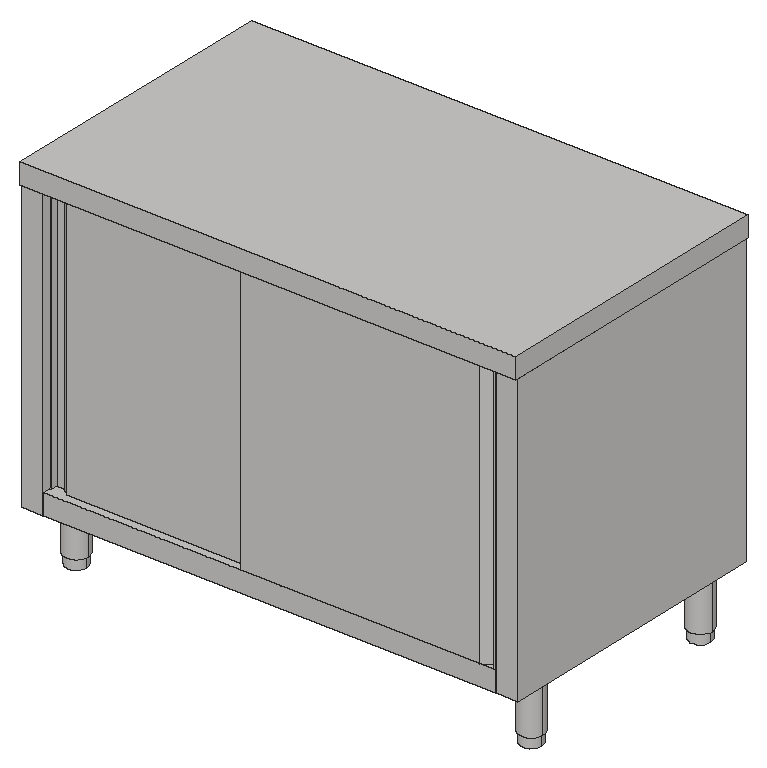
Revit family "QF_ELECTROLUXPROFESSIONAL_132857_MS1207N", category Attrezzature speciali, Revit 2020
Family settings
  Quota connettore circolare = Usa diametro
  Tipo di parte = Normale
  Basato su piano di lavoro = No
  Sempre verticale = Sì
  Taglio con vuoti quando caricato = No
  Condiviso = No
  Punto di calcolo locali = No
Parameters (values of type "Standard")
  Weight = 55.00 kg
  Watts = 0 W
  Volts = 0 V
  URL Manufacturer = "https://www.electroluxprofessional.com/"
  URL = "https://www.electroluxprofessional.com/"
  Steam Supply Size = 0 mm
  Steam Supply Minimum Pressure = 0.0 Pa
  Steam Supply Maximum Pressure = 0.0 Pa
  Steam Consumption per Hour = 0
  Refrigeration Suction Line Size = 0.0 mm
  Refrigeration Liquid Line Size = 0.0 mm
  Refrigerant Compressor Remote = yes
  Prospetto di default = 0.0 mm
  Produttore = "Electrolux Professional"
  Phase = 0
  Modello = "MS1207N"
  Length Actual = 1200.0 mm  # constant formula
  Item Number = "132857"
  Hot Water Size = 0 mm
  Height Actual = 900.0 mm  # constant formula
  HP = "0 HP"
  Gas Size = 0 mm
  Gas KW = 0
  Gas Input Pressure = 0 W
  Direct Waste Size = 0 mm
  Descrizione = "WORKTOP CUPBOARD 1200MM"
  Depth Actual = 700.0 mm  # constant formula
  Cycle = 0 Hz
  Condensate Return Size = 0 mm
  Compressed Air Volume = 0.0 L/s
  Compressed Air Size = 0 mm
  Compressed Air Pressure = 0.0 Pa
  Cold Water Size = 0 mm
  Accessory = yes
Reference planes
  plane 1 "Center (Front/Back)": y = 0
  plane 2: z = 0
  plane 3 "Center (Left/Right)": x = -100
  plane 4 "LEFT": x = -700
  plane 5 "RIGHT": x = 500
  plane 6 "BACK": y = 350
  plane 7 "FRONT": y = -350
  plane 8 "Base": z = 850
  plane 9 "TOP": z = 900
  plane 10: x = -650
  plane 11: x = 450
  plane 12: y = 270
  plane 13: y = -241.9
  plane 14 "BodyLeft": x = -699
  plane 15 "BodyFront": y = -344.5
  plane 16 "BodyRight": x = 499
  plane 17 "BodyBack": y = 344.5
  plane 18 "FEET": z = 150
  plane 19: x = -30
  plane 20: x = -170
Forms (mm)
  Extrusion 1, solid, material "QF_Finishes_Stainless Steel"
    sketch origin (-100, 0, 0) x (0, 1, 0) y (0, 0, 1)
      loop
        line (-350, 850) -> (350, 850) -> (350, 900) -> (-350, 900) -> (-350, 850)
    from 600 to -600
  Extrusion 2, solid, material "QF_Finishes_Stainless Steel"
    sketch origin (0, 0, 150) x (-1, 0, 0) y (0, -1, 0)
      loop
        line (699, -344.5) -> (699, 344.5) -> (649, 344.5) -> (649, -344.5) -> (699, -344.5)
      loop
        line (-449, -344.5) -> (-449, 344.5) -> (-499, 344.5) -> (-499, -344.5) -> (-449, -344.5)
    from 0 to 700
  Extrusion 3, solid, material "QF_Finishes_Stainless Steel"
    sketch origin (0, 0, 150) x (-1, 0, 0) y (0, -1, 0)
      loop
        line (646.685, -344.5) -> (646.685, 344.5) -> (-447.6, 344.5) -> (-447.6, -344.5) -> (646.685, -344.5)
    from 0 to 50
  Extrusion 4, solid, material "QF_Finishes_Stainless Steel"
    sketch origin (0, 0, 150) x (-1, 0, 0) y (0, -1, 0)
      loop
        line (646.685, -344.5) -> (646.685, -294.5) -> (-447.6, -294.5) -> (-447.6, -344.5) -> (646.685, -344.5)
    from 50 to 700
  Extrusion 5, solid, material "QF_Finishes_Stainless Steel"
    sketch origin (0, 0, 150) x (-1, 0, 0) y (0, -1, 0)
      loop
        line (-447.6, 344.5) -> (-447.6, 324.5) -> (170, 324.5) -> (170, 344.5) -> (-407.6, 344.5) -> (-427.6, 329.5) -> (-442.6, 329.5) -> (-442.6, 344.5) -> (-447.6, 344.5)
    from 50 to 700
  Extrusion 6, solid, material "QF_Finishes_Stainless Steel"
    sketch origin (0, 20, 150) x (1, 0, 0) y (0, 1, 0)
      loop
        line (-647.6, -344.5) -> (-642.6, -344.5) -> (-642.6, -329.5) -> (-627.6, -329.5) -> (-607.6, -344.5) -> (-30, -344.5) -> (-30, -324.5) -> (-647.6, -324.5) -> (-647.6, -344.5)
    from 50 to 700
Lines and regions (mm)
  symbolic lines
    curve 1: line (500, 350, 900) -> (-700, 350, 900)
    curve 2: line (-700, 350, 900) -> (-700, -350, 900)
    curve 3: line (-700, -350, 900) -> (500, -350, 900)
    curve 4: line (500, -350, 900) -> (500, 350, 900)
  symbolic lines, style "SpecialityEquipmentHiddenLines"
    curve 5: line (-699, 344.5, 150) -> (499, 344.5, 150)
    curve 6: line (-699, -344.5, 150) -> (-699, 344.5, 150)
    curve 7: line (499, -344.5, 150) -> (-699, -344.5, 150)
    curve 8: line (499, 344.5, 150) -> (499, -344.5, 150)
    curve 9: line (-647.6, -304.5, 150) -> (-30, -304.5, 150)
    curve 10: line (-30, -304.5, 150) -> (-30, -324.5, 150)
    curve 11: line (-647.6, -324.5, 150) -> (447.6, -324.5, 150)
    curve 12: line (447.6, -324.5, 150) -> (447.6, -344.5, 150)
    curve 13: line (-170, -324.5, 150) -> (-170, -344.5, 150)
    curve 14: line (-647.6, -304.5, 150) -> (-647.6, -324.5, 150)
Dimensions and locks
  plane 4 "LEFT" to plane 5 "RIGHT" = 1200.0 mm
  equal spacing: plane 4 "LEFT", plane 3 "Center (Left/Right)", plane 5 "RIGHT"
  locked: plane 8 "Base" to level at 850
  plane 9 "TOP" to level = 900.0 mm
  plane 6 "BACK" to plane 7 "FRONT" = 700.0 mm
  equal spacing: plane 6 "BACK", plane 1 "Center (Front/Back)", plane 7 "FRONT"
  locked: plane 4 "LEFT" to plane 14 "BodyLeft" at 1
  locked: plane 16 "BodyRight" to plane 5 "RIGHT" at 1
  locked: plane 15 "BodyFront" to plane 7 "FRONT" at 5.5
  locked: plane 6 "BACK" to plane 17 "BodyBack" at 5.5
  locked: plane 14 "BodyLeft" to plane 10 at 49
  locked: plane 11 to plane 16 "BodyRight" at 49
  locked: plane 13 to plane 15 "BodyFront" at 102.6
  locked: plane 17 "BodyBack" to plane 12 at 74.5
  plane 10 to plane 11 = 1100.0 mm
  plane 12 to plane 13 = 511.9 mm
  locked: plane 14 "BodyLeft" to Extrusion 2 sketch curve at 50
  locked: Extrusion 2 sketch curve to Extrusion 2 sketch curve at 50
  Extrusion 3 to Extrusion 4 sketch curve = 50.0 mm
  locked: plane 3 "Center (Left/Right)" to plane 19 at 70
  locked: plane 20 to plane 3 "Center (Left/Right)" at 70
  locked: plane 18 "FEET" to level at 150
  aligned and locked: level to plane 2
  aligned and locked: plane 10 to nested 1
  aligned and locked: nested 1 to plane 13
  aligned and locked: plane 11 to nested 2
  aligned and locked: nested 2 to plane 13
  aligned and locked: plane 11 to nested 4
  aligned and locked: nested 4 to plane 12
  aligned and locked: plane 10 to nested 3
  aligned and locked: nested 3 to plane 12
  aligned and locked: Extrusion 1 to plane 4 "LEFT"
  aligned and locked: plane 5 "RIGHT" to Extrusion 1
  aligned and locked: curve 2 to plane 4 "LEFT"
  aligned and locked: plane 17 "BodyBack" to Extrusion 2 sketch curve
  aligned and locked: Extrusion 2 sketch curve to plane 15 "BodyFront"
  aligned and locked: Extrusion 2 sketch curve to plane 14 "BodyLeft"
  aligned and locked: plane 16 "BodyRight" to Extrusion 2 sketch curve
  aligned and locked: Extrusion 2 sketch curve to plane 17 "BodyBack"
  aligned and locked: plane 15 "BodyFront" to Extrusion 2 sketch curve
  aligned and locked: Extrusion 3 sketch curve to plane 17 "BodyBack"
  aligned and locked: plane 15 "BodyFront" to Extrusion 3 sketch curve
  aligned and locked: plane 8 "Base" to Extrusion 2
  aligned and locked: Extrusion 4 sketch curve to Extrusion 3
  aligned and locked: plane 8 "Base" to Extrusion 5
  aligned and locked: Extrusion 5 to Extrusion 3
  aligned and locked: Extrusion 6 sketch curve to plane 19
  aligned and locked: Extrusion 5 sketch curve to plane 20
  aligned and locked: Extrusion 1 to plane 8 "Base"
  aligned and locked: plane 9 "TOP" to Extrusion 1
  aligned and locked: curve 5 to plane 17 "BodyBack"
  aligned and locked: plane 14 "BodyLeft" to curve 6
  aligned and locked: plane 15 "BodyFront" to curve 7
  aligned and locked: plane 16 "BodyRight" to curve 8
Automatic sketch dimensions
  curve 3 to plane 7 "FRONT" = 0.0 mm
  curve 4 to plane 6 "BACK" = 0.0 mm
  Extrusion 1 sketch curve to plane 7 "FRONT" = 0.0 mm
  plane 9 "TOP" to Extrusion 1 sketch curve = 0.0 mm
  Extrusion 1 sketch curve to plane 6 "BACK" = 0.0 mm
  Extrusion 1 sketch curve to plane 8 "Base" = 0.0 mm
  Extrusion 5 sketch curve to plane 15 "BodyFront" = 0.0 mm  (x2)
  Extrusion 5 sketch curve to plane 11 = 2.4 mm
  Extrusion 5 sketch curve to Extrusion 5 sketch curve = 5.0 mm
  Extrusion 5 sketch curve to Extrusion 5 sketch curve = 15.0 mm
  Extrusion 5 sketch curve to Extrusion 5 sketch curve = 20.0 mm
  plane 15 "BodyFront" to Extrusion 5 sketch curve = 15.0 mm
  plane 15 "BodyFront" to Extrusion 5 sketch curve = 20.0 mm
  Extrusion 6 sketch curve to plane 15 "BodyFront" = 20.0 mm  (x2)
  Extrusion 6 sketch curve to plane 10 = 2.4 mm
  Extrusion 6 sketch curve to Extrusion 6 sketch curve = 5.0 mm
  Extrusion 6 sketch curve to Extrusion 6 sketch curve = 15.0 mm
  Extrusion 6 sketch curve to Extrusion 6 sketch curve = 20.0 mm  (x2)
  Extrusion 6 sketch curve to plane 15 "BodyFront" = 35.0 mm
  Extrusion 3 sketch curve to plane 11 = 2.4 mm
  plane 10 to Extrusion 3 sketch curve = 3.315 mm
  Extrusion 4 sketch curve to plane 11 = 2.4 mm
  plane 10 to Extrusion 4 sketch curve = 3.315 mm
  curve 10 to plane 19 = 0.0 mm
  curve 13 to plane 20 = 0.0 mm
  curve 11 to plane 11 = 2.4 mm
  plane 15 "BodyFront" to curve 9 = 40.0 mm
  curve 12 to curve 12 = 20.0 mm
  plane 10 to curve 14 = 2.4 mm
  curve 4 to plane 5 "RIGHT" = 0.0 mm
Nested families
  nested 1: "FEET_D58-150" at (-650, -241.9, 0), type "FEET_D58-150"
  nested 2: "FEET_D58-150" at (450, -241.9, 0), type "FEET_D58-150"
  nested 3: "FEET_D58-150" at (-650, 270, 0), type "FEET_D58-150"
  nested 4: "FEET_D58-150" at (450, 270, 0), type "FEET_D58-150"
Definition of nested family "FEET_D58-150"
  Parameters
    Default Elevation = 0.0 mm
    FEET = 150.0 mm
  Reference planes
    plane 1 "Center (Front/Back)": y = 0
    plane 2: z = 0
    plane 3 "Center (Left/Right)": x = 0
    plane 4: z = 150
  Forms (mm)
    Extrusion 1, solid
      sketch origin (0, 0, 0) x (1, 0, 0) y (0, 1, 0)
        loop
          circle (0, 0) r 25
      from 0 to 25
    Extrusion 2, solid
      sketch origin (0, 0, 0) x (1, 0, 0) y (0, 1, 0)
        loop
          circle (0.061, 0) r 29
      from 25 to 150 <- "FEET"
  Lines and regions (mm)
    symbolic lines
      curve 1: line (0, -1.503, 0) -> (0, 1.508, 0)
      curve 2: line (1.561, 0, 0) -> (-1.439, 0, 0)
  Dimensions and locks
    "FEET": plane 4 to plane 2
    aligned and locked: level to plane 2
  Automatic sketch dimensions
    plane 1 "Center (Front/Back)" to Extrusion 1 sketch curve = 0.0 mm
    Extrusion 1 sketch curve to plane 3 "Center (Left/Right)" = 0.0 mm
    plane 1 "Center (Front/Back)" to curve 2 = 0.0 mm
    curve 1 to plane 3 "Center (Left/Right)" = 0.0 mm
    curve 2 to plane 3 "Center (Left/Right)" = 1.439 mm
    plane 3 "Center (Left/Right)" to curve 2 = 1.561 mm
    plane 1 "Center (Front/Back)" to curve 1 = 1.503 mm
    curve 1 to plane 1 "Center (Front/Back)" = 1.508 mm
    plane 1 "Center (Front/Back)" to Extrusion 2 sketch curve = 0.0 mm
    plane 3 "Center (Left/Right)" to Extrusion 2 sketch curve = 0.061 mm
    radius of Extrusion 1 sketch curve = 25.0 mm
    radius of Extrusion 2 sketch curve = 29.0 mm
